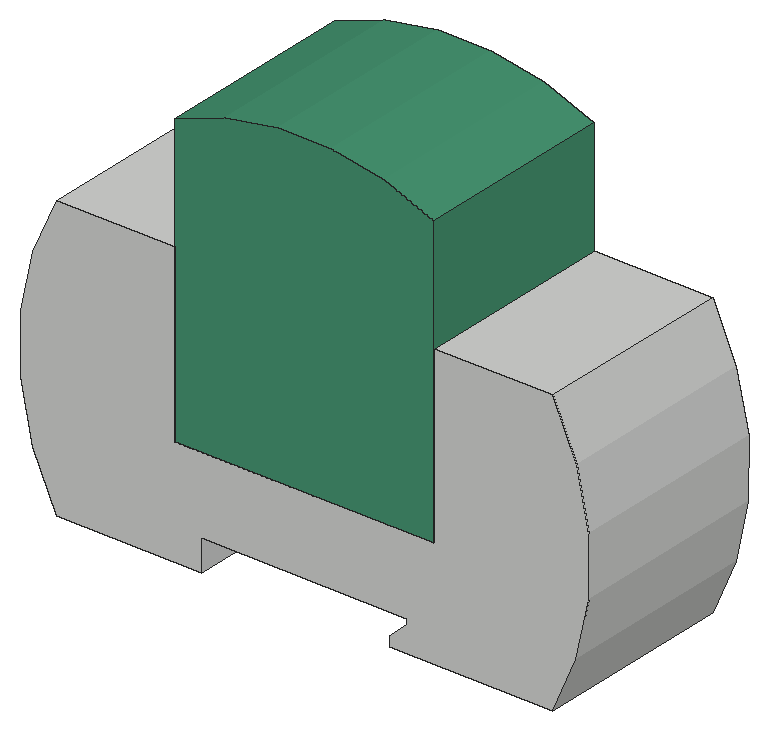
Revit family "Blitzstromableiter 1-polig mit Funktionsanzeige", category Generic Models, Revit 2015
Parameters (values of type "MC 50-B-OS")
  Width 1 = 44.9 mm
  Width = 100 mm
  URL = "http://www.obo-bettermann.com"
  Material 2 = PA6 GF20 FR HF RAL 6029
  Material = PA6 MF15 GRAU
  Manufacturer Art.No. = "5096851"
  Manufacturer = "OBO Bettermann"
  Length = 35 mm
  Height 1 = 49.5 mm
  Height = 74.7 mm
  GTIN = "4012195051411"
  Article Type = "MC 50-B-OS"
Reference planes
  plane 1 "Center (Front/Back)": y = 0
  plane 2: z = 0
  plane 3 "Center (Left/Right)": x = 0
  plane 4: z = 49.5
  plane 5: x = -50
  plane 6: x = 50
  plane 7: y = 35
  plane 8: z = 74.7
  plane 9: z = 69.58
Forms (mm)
  Extrusion 1, solid, material "PA6 MF15 GRAU" <- "Material"
    sketch origin (0, 0, 0) x (1, 0, 0) y (0, 0, 1)
      loop
        line (-18, 0.011) -> (-18, 5.5) -> (18, 5.5) -> (18, 4.48) -> (15, 1.772) -> (15, -0.016) -> (43.44, -0.016)
        arc (43.44, -0.016) -> (49.992, 24.724) -> (43.5, 49.481) r 50.213
        line (43.5, 49.481) -> (22.7, 49.481) -> (22.7, 19) -> (-22.7, 19) -> (-22.7, 49.513) -> (-43.4, 49.513)
        arc (-43.4, 49.513) -> (-50.021, 24.767) -> (-43.44, 0.011) r 49.702
        line (-43.44, 0.011) -> (-18, 0.011)
    from -35 to 0
  Extrusion 2, solid, material "PA6 GF20 FR HF RAL 6029" <- "Material 2"
    sketch origin (0, 0, 0) x (1, 0, 0) y (0, 0, 1)
      loop
        line (-22.7, 69.58) -> (-22.7, 19) -> (22.7, 19) -> (22.7, 69.58)
        arc (22.7, 69.58) -> (0, 74.7) -> (-22.7, 69.58) r 52.881
    from -35 to 0
Dimensions and locks
  locked: Extrusion 1 sketch curve to level at 5.5
  locked: Extrusion 1 sketch curve to Extrusion 1 sketch curve at 36
  locked: plane 3 "Center (Left/Right)" to Extrusion 1 sketch curve at 18
  locked: Extrusion 1 sketch curve to Extrusion 1 sketch curve at 33
  locked: Extrusion 1 sketch curve to level at 1.772
  locked: Extrusion 1 sketch curve to Extrusion 1 sketch curve at 1.02
  locked: Extrusion 1 sketch curve to Extrusion 1 sketch curve at 86.88
  locked: plane 3 "Center (Left/Right)" to Extrusion 1 sketch curve at 43.44
  "Height 1": plane 4 to level
  locked: Extrusion 1 sketch curve to Extrusion 1 sketch curve at 86.9
  "Width": plane 6 to plane 5
  locked: plane 3 "Center (Left/Right)" to plane 5 at 50
  locked: plane 3 "Center (Left/Right)" to Extrusion 1 sketch curve at 43.4
  locked: Extrusion 1 sketch curve to Extrusion 1 sketch curve at 45.4
  equal spacing: Extrusion 1 sketch curve, plane 3 "Center (Left/Right)", Extrusion 1 sketch curve, locked at 22.7 each
  locked: plane 4 to Extrusion 1 sketch curve at 30.5
  "Length": plane 1 "Center (Front/Back)" to plane 7
  "Height": plane 8 to level
  plane 8 to plane 9 = 5.12 mm
  radius of Extrusion 2 sketch curve = 52.881 mm
  radius of Extrusion 1 sketch curve = 49.702 mm
  radius of Extrusion 1 sketch curve = 50.213 mm
  aligned and locked: level to plane 2
  aligned and locked: plane 7 to Extrusion 1
  aligned and locked: plane 1 "Center (Front/Back)" to Extrusion 1
  aligned and locked: Extrusion 2 sketch curve to Extrusion 1  (x3)
  aligned and locked: plane 9 to Extrusion 2 sketch curve  (x2)
  aligned and locked: Extrusion 1 to Extrusion 2
  aligned and locked: plane 1 "Center (Front/Back)" to Extrusion 2
Automatic sketch dimensions
  plane 4 to Extrusion 1 sketch curve = 0.013 mm
  Extrusion 1 sketch curve to Extrusion 1 sketch curve = 0.099 mm
  Extrusion 1 sketch curve to level = 0.016 mm
  Extrusion 1 sketch curve to plane 4 = 0.019 mm
